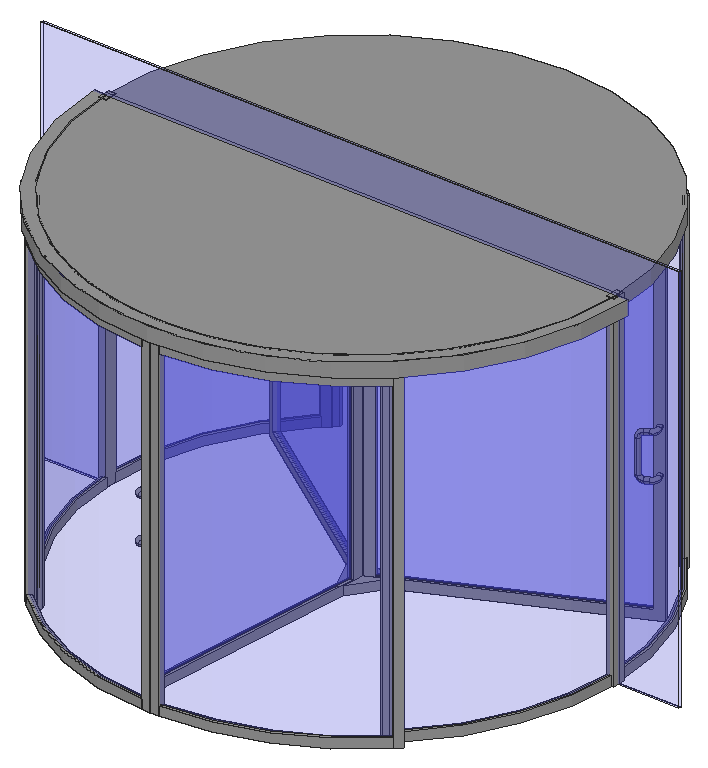
Revit family "Talos RDR-E01", category Türen, Revit 2016
Family settings
  OmniClass-Nummer = 23.30.10.00
  OmniClass-Titel = Doors
  Immer vertikal = Ja
  Beim Laden mit Abzugskörper schneiden = Nein
  Gemeinsam genutzt = Nein
  Raumberechnungspunkt = Nein
Parameters (values of type "RDR-E01 3400")
  Youtube clip = ""
  Width = 3500.00 mm
  Weight = 0.00 kg
  Uniformat II Description = ""
  Uniformat II Code = ""
  Uniclass 2015 Name = ""
  Uniclass 2015 Code = ""
  Uniclass 2.0 Description = ""
  Uniclass 2.0 Code = ""
  Uniclass 1.4 Description = ""
  Uniclass 1.4 Code = ""
  URL = "http://www.kaba.com/physical-access-systems/en/solutions/92272/revolving-doors-and-circular-sliding-doors.html"
  UNSPSC Code = ""
  Type Comments = ""
  Type = "Talos RDR-E01"
  Technical description = "http://www.kaba.com/physical-access-systems/media/867246/v7/File/product-brochure-talos-rdr-and-csd.pdf"
  StandardUsed = "8"
  ShutOffDeviceInside = and(not(HasLockInside), HasIntegralShutOffDevice)  # no
  ShutOffDevice = and(not(HasLock), HasIntegralShutOffDevice)  # no
  SectionWidth = 4300.00 mm
  RubberMaterial = Zellkautschuk - EPDM
  RotationInterval 180 = no
  RotationInterval 120 = not(RotationInterval 180)  # yes
  Radar = if(HasLockInside, DiameterCoverFront, Diameter)  # 1840.00 mm
  Product certification = ""
  Product SKU = "Talos_RDR-E01"
  Product Guid = "5c75d33a-c963-4db4-a6cf-dde6d4fceb71"
  Power = ""
  OuterDiameter = "3500"
  OperatingWeight = 0.00 kg
  OmniClass Description = ""
  OmniClass Code = ""
  NominalWidthOrDiameter = if(Width < 2100.00 mm, 2100.00 mm, if(Width > 4300.00 mm, 4300.00 mm, Width))  # 3500.00 mm
  Nominal width = 0
  Nominal height = 2300
  NBS Reference Description = ""
  NBS Reference Code = ""
  MotorDriveType = "-"
  Modell = "Talos RDR-E01"
  Material secondary = "Metal"
  Material main = "Glass"
  Masterformat 2014 Description = ""
  Masterformat 2014 Code = ""
  Manufacturer name = "DORMA"
  Manufacturer country = "Germany"
  Manufacturer = "Kaba GmbH"
  Installation instructions = ""
  IFC Classification = ""
  Edition number = 1
  EAN code = ""
  Design country = "Germany"
  Konstruktionstyp = "Revolving Door"
  Hersteller = "Kaba GmbH"
  Height = 2400.00 mm
  HasLockInside = yes
  HasLock = no
  HasIntegralShutOffDevice = no
  HasGrabHandles 180 = and(HasGrabHandles, RotationInterval 180)  # no
  HasGrabHandles 120 = and(HasGrabHandles, RotationInterval 120)  # yes
  HasGrabHandles = yes
  HasCover = yes
  HasBuiltInAlarm = no
  HandlePosition = 35.00 mm  # constant formula
  HandleMaterial = 1.4401 - A4
  Funktion = Außen
  FrameMaterial = none
  ExpectedLife = ""
  ElementWeight = 0.00 kg
  DoorWidth = AccessLengthOrRadius - 60.00 mm  # 1670.00 mm
  Dicke = 63.00 mm
  DiameterNightLockGlassOutside = Diameter + 49.00 mm  # 1809.00 mm
  DiameterNightLockGlassInside = Diameter + 41.00 mm  # 1801.00 mm
  DiameterNightLockCover = Diameter + 60.00 mm  # 1820.00 mm
  DiameterNightLock = Diameter + 30.00 mm  # 1790.00 mm
  DiameterGlassInside = (Width / 2) - 10.00 mm  # 1740.00 mm
  DiameterGlassOutside = (Width / 2)  # 1750.00 mm
  DiameterCoverFront = Diameter + 80.00 mm  # 1840.00 mm
  Diameter = (Width / 2) + 10.00 mm  # 1760.00 mm
  CoverWidth = Height - ClearHeight  # 100.00 mm
  CoverMaterial = none
  Colour = ""
  ClearWidth = 2100.00 mm
  ClearHeight = 2300.00 mm
  COBIe Type Category = ""
  BaseType = ">= 60 mm"
  Analytische Konstruktion = "<Keine Auswahl>"
  AccessWidth = if(Width < 4320.00 mm, (NominalWidthOrDiameter - 100.00 mm), if(Width > 4320.00 mm, (NominalWidthOrDiameter - 120.00 mm), NominalWidthOrDiameter))  # 3400.00 mm
  AccessLengthOrRadius = Diameter - 30.00 mm  # 1730.00 mm
Reference planes
  plane 1 "Mitte (Vorne/Hinten)": y = 0
  plane 2: z = 0
  plane 3 "Mitte (Links/Rechts)": x = -2.477
  plane 4 "Section L": x = -2202.477
  plane 5 "Section R": x = 2197.523
  plane 6 "Oberkante": z = 2700
  plane 7 "pw R": x = 1747.523
  plane 8 "pw L": x = -1752.477
  plane 9: x = -1777.477
  plane 10: x = 1772.523
  plane 11: z = 2400
  plane 12 "access height": z = 2300
  plane 13 "Leaf Glass 01": through (-1018.18, 994.49, 1200) normal (0.7071, 0.7071, 0)
  plane 14 "Leaf Glass 02": through (-996.967, 1015.703, 1200) normal (0.7071, 0.7071, 0)
  plane 15: through (-987.775, 1024.896, 1200) normal (0.7071, 0.7071, 0)
  plane 16: through (-1027.373, 985.298, 1200) normal (0.7071, 0.7071, 0)
  plane 17: through (-933.18, 994.49, 1200) normal (0.7071, 0.7071, 0)
  plane 18: through (-911.967, 1015.703, 1200) normal (0.7071, 0.7071, 0)
  plane 19: through (-901.36, 1026.31, 1200) normal (0.7071, 0.7071, 0)
  plane 20: through (-943.787, 983.883, 1200) normal (0.7071, 0.7071, 0)
  plane 21: through (-1003.033, -979.343, 800) normal (-0.7071, 0.7071, 0)
  plane 22: through (-1012.225, -970.151, 800) normal (-0.7071, 0.7071, 0)
  plane 23: through (-972.627, -1009.748, 800) normal (-0.7071, 0.7071, 0)
  plane 24: through (-981.82, -1000.556, 800) normal (-0.7071, 0.7071, 0)
  plane 25: x = -62.477
  plane 26: x = 57.523
  plane 27: through (-1218.825, -550.642, 800) normal (-0.4226, 0.9063, 0)
  plane 28: through (-1206.146, -577.831, 800) normal (-0.4226, 0.9063, 0)
  plane 29: through (1082.567, -778.067, 800) normal (-0.5736, -0.8192, 0)
  plane 30: through (1099.774, -753.493, 800) normal (-0.5736, -0.8192, 0)
  plane 31: through (128.827, 1328.709, 800) normal (0.9962, -0.0872, 0)
  plane 32: through (98.942, 1331.324, 800) normal (0.9962, -0.0872, 0)
  plane 33: through (12.466, -1.307, 800) normal (-0.0872, -0.9962, 0)
Forms (mm)
  Extrusion 1, solid
    sketch origin (0, 0, 0) x (1, 0, 0) y (0, 0, 1)
      loop
        line (-2202.477, 0) -> (-1777.477, 0) -> (-1777.477, 2400) -> (1772.523, 2400) -> (1772.523, 0) -> (2197.523, 0) -> (2197.523, 2700) -> (-2202.477, 2700) -> (-2202.477, 0)
    from -12 to 12
  Extrusion 2, solid, material <- "FrameMaterial"
    sketch origin (-85, 0, 0) x (1, 0, 0) y (0, 1, 0)
      loop
        line (-1160.41, 1203.336) -> (-1181.626, 1224.551)
        arc (-1181.626, 1224.551) -> (-1677.477, 0) -> (-1181.626, -1224.551) r 1760
        line (-1181.626, -1224.551) -> (-1160.41, -1203.336)
        arc (-1160.41, -1203.336) -> (-1647.477, 0) -> (-1160.41, 1203.336) r 1730
      loop
        arc (1325.457, 1203.336) -> (1812.523, 0) -> (1325.457, -1203.336) r 1730
        line (1325.457, -1203.336) -> (1346.673, -1224.551)
        arc (1346.673, -1224.551) -> (1842.523, 0) -> (1346.673, 1224.551) r 1760
        line (1346.673, 1224.551) -> (1325.457, 1203.336)
    from 0 to 63
  Extrusion 3, solid
    sketch origin (-85, 0, 0) x (1, 0, 0) y (0, 1, 0)
      loop
        arc (-1174.554, 1217.479) -> (-1667.477, 0) -> (-1174.554, -1217.479) r 1750
        line (-1174.554, -1217.479) -> (-1167.482, -1210.407)
        arc (-1167.482, -1210.407) -> (-1657.477, 0) -> (-1167.482, 1210.407) r 1740
        line (-1167.482, 1210.407) -> (-1174.554, 1217.479)
      loop
        arc (1339.601, -1217.479) -> (1832.523, 0) -> (1339.601, 1217.479) r 1750
        line (1339.601, 1217.479) -> (1332.529, 1210.407)
        arc (1332.529, 1210.407) -> (1822.523, 0) -> (1332.529, -1210.407) r 1740
        line (1332.529, -1210.407) -> (1339.601, -1217.479)
    from 63 to 2300 <- "ClearHeight"
  Extrusion 4, solid, material <- "FrameMaterial"
    sketch origin (-85, 0, 0) x (1, 0, 0) y (0, 1, 0)
      loop
        line (-1692.477, -42.5) -> (-1643.977, -42.5) -> (-1643.977, 42.5) -> (-1692.477, 42.5) -> (-1692.477, 0) -> (-1692.477, -42.5)
    from 0 to 2400 <- "Height"
  Extrusion 5, solid, material <- "FrameMaterial"
    sketch origin (80.046, 0, 0) x (-1, 0, 0) y (0, -1, 0)
      loop
        line (-1692.477, 42.5) -> (-1692.477, 0) -> (-1692.477, -42.5) -> (-1643.977, -42.5) -> (-1643.977, 42.5) -> (-1692.477, 42.5)
    from 0 to 2400 <- "Height"
  Extrusion 6, solid, material <- "FrameMaterial", visible <- "RotationInterval 180"
    sketch origin (-1018.18, 994.49, 1200) x (-0.707107, 0.707107, 0) y (0, 0, 1)
      loop
        line (268.579, 1100) -> (-1401.421, 1100) -> (-1401.421, -1200) -> (268.579, -1200) -> (268.579, 1100)
      loop
        line (205.579, 1037) -> (-1338.421, 1037) -> (-1338.421, -1137) -> (205.579, -1137) -> (205.579, 1037)
    from -5 to 35
  Extrusion 7, solid, material <- "FrameMaterial", visible <- "RotationInterval 180"
    sketch origin (-996.967, -1015.703, 1200) x (-0.707107, -0.707107, 0) y (0, 0, 1)
      loop
        line (268.579, 1100) -> (-1401.421, 1100) -> (-1401.421, -1200) -> (268.579, -1200) -> (268.579, 1100)
      loop
        line (205.579, 1037) -> (-1338.421, 1037) -> (-1338.421, -1137) -> (205.579, -1137) -> (205.579, 1037)
    from -5 to 35
  Extrusion 8, solid, material <- "FrameMaterial", visible <- "RotationInterval 180"
    sketch origin (1013.226, -994.49, 1600) x (0.707107, -0.707107, 0) y (0, 0, 1)
      loop
        line (268.579, 700) -> (-1401.421, 700) -> (-1401.421, -1600) -> (268.579, -1600) -> (268.579, 700)
      loop
        line (205.579, 637) -> (-1338.421, 637) -> (-1338.421, -1537) -> (205.579, -1537) -> (205.579, 637)
    from -5 to 35
  Extrusion 9, solid, material <- "FrameMaterial", visible <- "RotationInterval 180"
    sketch origin (992.013, 1015.703, 1200) x (0.707107, 0.707107, 0) y (0, 0, 1)
      loop
        line (268.579, 1100) -> (-1401.421, 1100) -> (-1401.421, -1200) -> (268.579, -1200) -> (268.579, 1100)
      loop
        line (205.579, 1037) -> (-1338.421, 1037) -> (-1338.421, -1137) -> (205.579, -1137) -> (205.579, 1037)
    from -5 to 35
  Extrusion 10, solid, material <- "FrameMaterial", visible <- "RotationInterval 180"
    sketch origin (-85, 0, 0) x (1, 0, 0) y (0, 1, 0)
      loop
        line (-38.477, -121) -> (203.523, -121) -> (203.523, 121) -> (-38.477, 121) -> (-38.477, -121)
    from 0 to 63
  Extrusion 11, solid, visible <- "RotationInterval 180"
    sketch origin (-1018.18, 994.49, 1200) x (-0.707107, 0.707107, 0) y (0, 0, 1)
      loop
        line (205.579, 1037) -> (-1338.421, 1037) -> (-1338.421, -1137) -> (205.579, -1137) -> (205.579, 1037)
    from 5 to 12
  Extrusion 12, solid, visible <- "RotationInterval 180"
    sketch origin (9.368, 9.368, 0) x (-0.707107, 0.707107, 0) y (0, 0, 1)
      loop
        line (1628.751, 2237) -> (84.751, 2237) -> (84.751, 63) -> (1628.751, 63) -> (1628.751, 2237)
    from -12 to -5
  Extrusion 13, solid, visible <- "RotationInterval 180"
    sketch origin (992.013, 1015.703, 1200) x (0.707107, 0.707107, 0) y (0, 0, 1)
      loop
        line (205.579, 1037) -> (-1338.421, 1037) -> (-1338.421, -1137) -> (205.579, -1137) -> (205.579, 1037)
    from 5 to 12
  Extrusion 14, solid, visible <- "RotationInterval 180"
    sketch origin (49.391, 30.655, 0) x (0.707107, 0.707107, 0) y (0, 0, 1)
      loop
        line (1568.647, 2237) -> (24.647, 2237) -> (24.647, 63) -> (1568.647, 63) -> (1568.647, 2237)
    from -12 to -5
  Extrusion 15, solid, visible <- "RotationInterval 180"
    sketch origin (1013.226, -994.49, 1200) x (0.707107, -0.707107, 0) y (0, 0, 1)
      loop
        line (205.579, 1037) -> (-1338.421, 1037) -> (-1338.421, -1137) -> (205.579, -1137) -> (205.579, 1037)
    from 5 to 12
  Extrusion 16, solid, visible <- "RotationInterval 180"
    sketch origin (28.178, -51.868, 0) x (0.707107, -0.707107, 0) y (0, 0, 1)
      loop
        line (1568.647, 2237) -> (24.647, 2237) -> (24.647, 63) -> (1568.647, 63) -> (1568.647, 2237)
    from -12 to -5
  Extrusion 17, solid, visible <- "RotationInterval 180"
    sketch origin (-996.967, -1015.703, 1200) x (-0.707107, -0.707107, 0) y (0, 0, 1)
      loop
        line (205.579, 1037) -> (-1338.421, 1037) -> (-1338.421, -1137) -> (205.579, -1137) -> (205.579, 1037)
    from 5 to 12
  Extrusion 18, solid, visible <- "RotationInterval 180"
    sketch origin (-54.345, -30.655, 0) x (-0.707107, -0.707107, 0) y (0, 0, 1)
      loop
        line (1568.647, 2237) -> (24.647, 2237) -> (24.647, 63) -> (1568.647, 63) -> (1568.647, 2237)
    from -12 to -5
  Extrusion 19, solid, material <- "CoverMaterial"
    sketch origin (0, 0, 0) x (1, 0, 0) y (0, 1, 0)
      loop
        circle (-2.477, 0) r 1760
    from 2300 <- "ClearHeight" to 2400 <- "Height"
  Extrusion 20, solid, material <- "FrameMaterial", visible <- "HasLock"
    sketch origin (-72.917, 136.245, 0) x (0.725698, -0.688014, 0) y (0.688014, 0.725698, 0)
      loop
        line (-1150.87, 1229.08) -> (-1123.349, 1200.053) -> (-1082.71, 1238.581) -> (-1110.231, 1267.609) -> (-1150.87, 1229.08)
    from 0 to 2300 <- "ClearHeight"
  Extrusion 21, solid, visible <- "HasLock"
    sketch origin (-85, 0, 0) x (1, 0, 0) y (0, 1, 0)
      loop
        line (-1176.681, 1298.802) -> (-1171.023, 1293.144)
        arc (-1171.023, 1293.144) -> (-621.449, 1657.717) -> (22.523, 1800) r 1801
        line (22.523, 1800) -> (22.523, 1808.005)
        arc (22.523, 1808.005) -> (-624.511, 1665.108) -> (-1176.681, 1298.802) r 1809
    from 63 to 2237
  Extrusion 22, solid, material <- "CoverMaterial", visible <- "HasLock"
    sketch origin (0, 0, 0) x (1, 0, 0) y (0, 1, 0)
      loop
        line (1757.523, 0) -> (1837.523, 0)
        arc (1837.523, 0) -> (-2.477, 1840) -> (-1842.477, 0) r 1840
        line (-1842.477, 0) -> (-1762.477, 0)
        arc (-1762.477, 0) -> (-2.477, 1760) -> (1757.523, 0) r 1760
    from 2300 <- "ClearHeight" to 2400 <- "Height"
  Extrusion 23, solid, material <- "FrameMaterial", visible <- "RotationInterval 120"
    sketch origin (-111.419, -1417.32, 1200) x (-0.087156, -0.996195, 0) y (0, 0, 1)
      loop
        line (268.579, 1100) -> (-1401.421, 1100) -> (-1401.421, -1200) -> (268.579, -1200) -> (268.579, 1100)
      loop
        line (205.579, 1037) -> (-1338.421, 1037) -> (-1338.421, -1137) -> (205.579, -1137) -> (205.579, 1037)
    from -5 to 35
  Extrusion 24, solid, visible <- "RotationInterval 120"
    sketch origin (-111.419, -1417.32, 1200) x (-0.087156, -0.996195, 0) y (0, 0, 1)
      loop
        line (205.579, 1037) -> (-1339.432, 1037) -> (-1339.432, -1137) -> (205.579, -1137) -> (205.579, 1037)
    from 5 to 12
  Extrusion 25, solid, visible <- "RotationInterval 120"
    sketch origin (-22.506, -56.823, 0) x (-0.087156, -0.996195, 0) y (0, 0, 1)
      loop
        line (1568.647, 2237) -> (24.647, 2237) -> (24.647, 63) -> (1568.647, 63) -> (1568.647, 2237)
    from -12 to -5
  Extrusion 26, solid, material <- "FrameMaterial", visible <- "RotationInterval 120"
    sketch origin (-1175.441, 803.007, 1200) x (-0.819152, 0.573576, 0) y (0, 0, 1)
      loop
        line (268.579, 1100) -> (-1401.421, 1100) -> (-1401.421, -1200) -> (268.579, -1200) -> (268.579, 1100)
      loop
        line (205.579, 1037) -> (-1338.421, 1037) -> (-1338.421, -1137) -> (205.579, -1137) -> (205.579, 1037)
    from -5 to 35
  Extrusion 27, solid, visible <- "RotationInterval 120"
    sketch origin (-1175.441, 803.007, 1200) x (-0.819152, 0.573576, 0) y (0, 0, 1)
      loop
        line (205.579, 1037) -> (-1338.421, 1037) -> (-1338.421, -1137) -> (205.579, -1137) -> (205.579, 1037)
    from 5 to 12
  Extrusion 28, solid, visible <- "RotationInterval 120"
    sketch origin (-41.673, 45.757, 0) x (-0.819152, 0.573576, 0) y (0, 0, 1)
      loop
        line (1568.647, 2237) -> (24.647, 2237) -> (24.647, 63) -> (1568.647, 63) -> (1568.647, 2237)
    from -12 to -5
  Extrusion 29, solid, material <- "FrameMaterial", visible <- "RotationInterval 120"
    sketch origin (1279.429, 614.313, 1000) x (0.906308, 0.422618, 0) y (0, 0, 1)
      loop
        line (268.579, 1300) -> (-1401.421, 1300) -> (-1401.421, -1000) -> (268.579, -1000) -> (268.579, 1300)
      loop
        line (205.579, 1237) -> (-1338.421, 1237) -> (-1338.421, -937) -> (205.579, -937) -> (205.579, 1237)
    from -5 to 35
  Extrusion 30, solid, visible <- "RotationInterval 120"
    sketch origin (1279.429, 614.313, 1200) x (0.906308, 0.422618, 0) y (0, 0, 1)
      loop
        line (205.579, 1037) -> (-1338.421, 1037) -> (-1338.421, -1137) -> (205.579, -1137) -> (205.579, 1037)
    from 5 to 12
  Extrusion 31, solid, visible <- "RotationInterval 120"
    sketch origin (56.748, 11.066, 0) x (0.906308, 0.422618, 0) y (0, 0, 1)
      loop
        line (1568.647, 2237) -> (24.647, 2237) -> (24.647, 63) -> (1568.647, 63) -> (1568.647, 2237)
    from -12 to -5
  Extrusion 32, solid, material <- "FrameMaterial"
    sketch origin (-85, 0, 0) x (1, 0, 0) y (0, 1, 0)
      loop
        line (1286.019, -1243.094) -> (1314.303, -1271.378) -> (1353.901, -1231.78) -> (1325.617, -1203.496) -> (1286.019, -1243.094)
    from 0 to 2300
  Extrusion 33, solid, material <- "FrameMaterial"
    sketch origin (-2.477, 82.523, 0) x (0, -1, 0) y (1, 0, 0)
      loop
        line (1286.019, -1243.094) -> (1314.303, -1271.378) -> (1353.901, -1231.78) -> (1325.617, -1203.496) -> (1286.019, -1243.094)
    from 0 to 2300
  Extrusion 34, solid, material <- "FrameMaterial"
    sketch origin (80.046, 0, 0) x (-1, 0, 0) y (0, -1, 0)
      loop
        line (1286.019, -1243.094) -> (1314.303, -1271.378) -> (1353.901, -1231.78) -> (1325.617, -1203.496) -> (1286.019, -1243.094)
    from 0 to 2300
  Extrusion 35, solid, material <- "FrameMaterial"
    sketch origin (-2.477, -82.523, 0) x (0, 1, 0) y (-1, 0, 0)
      loop
        line (1286.019, -1243.094) -> (1314.303, -1271.378) -> (1353.901, -1231.78) -> (1325.617, -1203.496) -> (1286.019, -1243.094)
    from 0 to 2300
  Extrusion 36, solid, material <- "FrameMaterial", visible <- "HasLock"
    sketch origin (-171.144, 23.795, 0) x (0.999645, 0.026647, 0) y (-0.026647, 0.999645, 0)
      loop
        line (-1104.531, 1273.225) -> (-1077.01, 1244.197) -> (-1036.371, 1282.726) -> (-1063.892, 1311.754) -> (-1104.531, 1273.225)
    from 0 to 2300 <- "ClearHeight"
  Extrusion 37, solid, material <- "FrameMaterial", visible <- "HasLock"
    sketch origin (67.963, 136.245, 0) x (-0.725698, -0.688014, 0) y (0.688014, -0.725698, 0)
      loop
        line (-1150.87, -1229.08) -> (-1110.231, -1267.609) -> (-1082.71, -1238.581) -> (-1123.349, -1200.053) -> (-1150.87, -1229.08)
    from 0 to 2300 <- "ClearHeight"
  Extrusion 38, solid, visible <- "HasLock"
    sketch origin (80.046, 0, 0) x (-1, 0, 0) y (0, -1, 0)
      loop
        arc (-1176.681, -1298.802) -> (-624.511, -1665.108) -> (22.523, -1808.005) r 1809
        line (22.523, -1808.005) -> (22.523, -1800)
        arc (22.523, -1800) -> (-621.449, -1657.717) -> (-1171.023, -1293.144) r 1801
        line (-1171.023, -1293.144) -> (-1176.681, -1298.802)
    from 63 to 2300
  Extrusion 39, solid, material <- "FrameMaterial", visible <- "HasLock"
    sketch origin (166.19, 23.795, 0) x (-0.999645, 0.026647, 0) y (-0.026647, -0.999645, 0)
      loop
        line (-1104.531, -1273.225) -> (-1063.892, -1311.754) -> (-1036.371, -1282.726) -> (-1077.01, -1244.197) -> (-1104.531, -1273.225)
    from 0 to 2300 <- "ClearHeight"
  Extrusion 40, solid, material <- "FrameMaterial", visible <- "HasLock"
    sketch origin (-85, 0, 0) x (1, 0, 0) y (0, 1, 0)
      loop
        line (22.523, 1788.994) -> (22.523, 1819.011)
        arc (22.523, 1819.011) -> (-628.72, 1675.271) -> (-1184.46, 1306.581) r 1820
        line (-1184.46, 1306.581) -> (-1163.244, 1285.365)
        arc (-1163.244, 1285.365) -> (-617.239, 1647.553) -> (22.523, 1788.994) r 1790
    from 0 to 63
  Extrusion 41, solid, material <- "FrameMaterial", visible <- "HasLock"
    sketch origin (-85, 0, 0) x (1, 0, 0) y (0, 1, 0)
      loop
        line (1328.29, 1285.365) -> (1349.506, 1306.581)
        arc (1349.506, 1306.581) -> (793.766, 1675.271) -> (142.523, 1819.011) r 1820
        line (142.523, 1819.011) -> (142.523, 1788.994)
        arc (142.523, 1788.994) -> (782.286, 1647.553) -> (1328.29, 1285.365) r 1790
    from 0 to 63
  Extrusion 42, solid, material <- "FrameMaterial", visible <- "HasLock"
    sketch origin (0, 0, 0) x (1, 0, 0) y (0, 1, 0)
      loop
        arc (-62.477, 1819.011) -> (-713.72, 1675.271) -> (-1269.46, 1306.581) r 1820
        line (-1269.46, 1306.581) -> (-1248.244, 1285.365)
        arc (-1248.244, 1285.365) -> (-702.239, 1647.553) -> (-62.477, 1788.994) r 1790
        line (-62.477, 1788.994) -> (-62.477, 1819.011)
    from 2237 to 2300 <- "ClearHeight"
  Extrusion 43, solid, material <- "FrameMaterial", visible <- "HasLock"
    sketch origin (0, 0, 0) x (1, 0, 0) y (0, 1, 0)
      loop
        arc (1264.506, 1306.581) -> (708.766, 1675.271) -> (57.523, 1819.011) r 1820
        line (57.523, 1819.011) -> (57.523, 1788.994)
        arc (57.523, 1788.994) -> (697.286, 1647.553) -> (1243.29, 1285.365) r 1790
        line (1243.29, 1285.365) -> (1264.506, 1306.581)
    from 2237 to 2300
  Extrusion 44, solid, material <- "FrameMaterial", visible <- "HasLockInside"
    sketch origin (-72.917, -136.245, 0) x (0.725698, 0.688014, 0) y (-0.688014, 0.725698, 0)
      loop
        line (-1150.87, -1229.08) -> (-1110.231, -1267.609) -> (-1082.71, -1238.581) -> (-1123.349, -1200.053) -> (-1150.87, -1229.08)
    from 0 to 2300 <- "ClearHeight"
  Extrusion 45, solid, visible <- "HasLockInside"
    sketch origin (-85, 0, 0) x (1, 0, 0) y (0, 1, 0)
      loop
        arc (-1176.681, -1298.802) -> (-624.511, -1665.108) -> (22.523, -1808.005) r 1809
        line (22.523, -1808.005) -> (22.523, -1800)
        arc (22.523, -1800) -> (-621.449, -1657.717) -> (-1171.023, -1293.144) r 1801
        line (-1171.023, -1293.144) -> (-1176.681, -1298.802)
    from 63 to 2237
  Extrusion 46, solid, material <- "FrameMaterial", visible <- "HasLockInside"
    sketch origin (-171.144, -23.795, 0) x (0.999645, -0.026647, 0) y (0.026647, 0.999645, 0)
      loop
        line (-1104.531, -1273.225) -> (-1063.892, -1311.754) -> (-1036.371, -1282.726) -> (-1077.01, -1244.197) -> (-1104.531, -1273.225)
    from 0 to 2300 <- "ClearHeight"
  Extrusion 47, solid, material <- "FrameMaterial", visible <- "HasLockInside"
    sketch origin (67.963, -136.245, 0) x (-0.725698, 0.688014, 0) y (-0.688014, -0.725698, 0)
      loop
        line (-1150.87, 1229.08) -> (-1123.349, 1200.053) -> (-1082.71, 1238.581) -> (-1110.231, 1267.609) -> (-1150.87, 1229.08)
    from 0 to 2300 <- "ClearHeight"
  Extrusion 48, solid, visible <- "HasLockInside"
    sketch origin (80.046, 0, 0) x (-1, 0, 0) y (0, -1, 0)
      loop
        line (-1176.681, 1298.802) -> (-1171.023, 1293.144)
        arc (-1171.023, 1293.144) -> (-621.449, 1657.717) -> (22.523, 1800) r 1801
        line (22.523, 1800) -> (22.523, 1808.005)
        arc (22.523, 1808.005) -> (-624.511, 1665.108) -> (-1176.681, 1298.802) r 1809
    from 63 to 2237
  Extrusion 49, solid, material <- "FrameMaterial", visible <- "HasLockInside"
    sketch origin (166.19, -23.795, 0) x (-0.999645, -0.026647, 0) y (0.026647, -0.999645, 0)
      loop
        line (-1104.531, 1273.225) -> (-1077.01, 1244.197) -> (-1036.371, 1282.726) -> (-1063.892, 1311.754) -> (-1104.531, 1273.225)
    from 0 to 2300 <- "ClearHeight"
  Extrusion 50, solid, material <- "FrameMaterial", visible <- "HasLockInside"
    sketch origin (0, 0, 0) x (1, 0, 0) y (0, 1, 0)
      loop
        arc (-62.477, -1788.994) -> (-702.239, -1647.553) -> (-1248.244, -1285.365) r 1790
        line (-1248.244, -1285.365) -> (-1269.46, -1306.581)
        arc (-1269.46, -1306.581) -> (-713.72, -1675.271) -> (-62.477, -1819.011) r 1820
        line (-62.477, -1819.011) -> (-62.477, -1788.994)
    from 2237 to 2300 <- "ClearHeight"
  Extrusion 51, solid, material <- "FrameMaterial", visible <- "HasLockInside"
    sketch origin (165.046, 0, 0) x (-1, 0, 0) y (0, -1, 0)
      loop
        line (107.523, 1788.994) -> (107.523, 1819.011)
        arc (107.523, 1819.011) -> (-543.72, 1675.271) -> (-1099.46, 1306.581) r 1820
        line (-1099.46, 1306.581) -> (-1078.244, 1285.365)
        arc (-1078.244, 1285.365) -> (-532.239, 1647.553) -> (107.523, 1788.994) r 1790
    from 2237 to 2300 <- "ClearHeight"
  Extrusion 52, solid, material <- "FrameMaterial", visible <- "HasLockInside"
    sketch origin (-85, 0, 0) x (1, 0, 0) y (0, 1, 0)
      loop
        arc (22.523, -1788.994) -> (-617.239, -1647.553) -> (-1163.244, -1285.365) r 1790
        line (-1163.244, -1285.365) -> (-1184.46, -1306.581)
        arc (-1184.46, -1306.581) -> (-628.72, -1675.271) -> (22.523, -1819.011) r 1820
        line (22.523, -1819.011) -> (22.523, -1788.994)
    from 0 to 63
  Extrusion 53, solid, material <- "FrameMaterial", visible <- "HasLockInside"
    sketch origin (80.046, 0, 0) x (-1, 0, 0) y (0, -1, 0)
      loop
        line (22.523, 1788.994) -> (22.523, 1819.011)
        arc (22.523, 1819.011) -> (-628.72, 1675.271) -> (-1184.46, 1306.581) r 1820
        line (-1184.46, 1306.581) -> (-1163.244, 1285.365)
        arc (-1163.244, 1285.365) -> (-617.239, 1647.553) -> (22.523, 1788.994) r 1790
    from 0 to 63
  Extrusion 54, solid, material <- "CoverMaterial", visible <- "HasLockInside"
    sketch origin (0, 0, 0) x (1, 0, 0) y (0, 1, 0)
      loop
        arc (1757.523, 0) -> (-2.477, -1760) -> (-1762.477, 0) r 1760
        line (-1762.477, 0) -> (-1842.477, 0)
        arc (-1842.477, 0) -> (-2.477, -1840) -> (1837.523, 0) r 1840
        line (1837.523, 0) -> (1757.523, 0)
    from 2300 <- "ClearHeight" to 2400 <- "Height"
  Extrusion 55, solid, material <- "FrameMaterial", visible <- "RotationInterval 120"
    sketch origin (-85, 0, 0) x (1, 0, 0) y (0, 1, 0)
      loop
        line (264.691, 84.946) -> (-82.126, 115.289) -> (65.005, -200.235) -> (264.691, 84.946)
    from 0 to 63
Lines and regions (mm)
  reference lines, not visible
    curve 1: line (82.523, 0, 0) -> (-922.574, 1005.097, 0)
    curve 2: circle (-2.477, 0, 0) r 1760 normal (0, 0, 1)
    curve 3: circle (-2.477, 0, 0) r 1730 normal (0, 0, 1)
    curve 6: circle (-2.477, 0, 0) r 1790 normal (0, 0, 1)
    curve 7: circle (-2.477, 0, 0) r 1820 normal (0, 0, 1)
  reference lines
    curve 4: line (2174.874, -2177.351, 0) -> (-2179.828, 2177.351, 0)
    curve 5: line (-2183.295, -2180.818, 0) -> (2174.874, 2177.351, 0)
    curve 8: line (-2.477, 0, 0) -> (1805.148, 842.909, 0)
    curve 9: line (-2.477, 0, 0) -> (-2071.845, 1448.987, 0)
    curve 10: line (-2.477, 0, 0) -> (-190.733, -2151.781, 0)
Text (mm)
  text "Außen" at (-1246.5, 797.241, 0), in view "Referenzebene"
Dimensions and locks
  equal spacing: plane 25, plane 3 "Mitte (Links/Rechts)", plane 26
  plane 4 "Section L" to plane 5 "Section R" = 4400.00 mm
  equal spacing: plane 8 "pw L", plane 3 "Mitte (Links/Rechts)", plane 7 "pw R"
  "NominalWidthOrDiameter": plane 8 "pw L" to plane 7 "pw R"
  locked: plane 9 to plane 8 "pw L" at 25
  locked: plane 7 "pw R" to plane 10 at 25
  "ClearHeight": plane 12 "access height" to plane 2
  "CoverWidth": plane 11 to plane 12 "access height"
  plane 14 "Leaf Glass 02" to curve 4 = 15.00 mm
  locked: curve 4 to plane 13 "Leaf Glass 01" at 15
  locked: plane 13 "Leaf Glass 01" to plane 16 at 13
  locked: plane 15 to plane 14 "Leaf Glass 02" at 13
  locked: curve 5 to plane 21 at 15
  locked: plane 22 to plane 21 at 13
  locked: plane 24 to curve 5 at 15
  locked: plane 24 to plane 23 at 13
  locked: Extrusion 4 sketch curve to Extrusion 4 sketch curve at 48.5
  Extrusion 4 sketch curve to Extrusion 4 sketch curve = 85.00 mm
  locked: Extrusion 5 sketch curve to Extrusion 5 sketch curve at 48.5
  Extrusion 5 sketch curve to Extrusion 5 sketch curve = 85.00 mm
  "Dicke": Extrusion 6 sketch curve to Extrusion 6 sketch curve  (x4)
  "DoorWidth": Extrusion 6 sketch curve to Extrusion 6 sketch curve
  "ClearHeight": Extrusion 6 sketch curve to Extrusion 6 sketch curve
  "Dicke": Extrusion 7 sketch curve to Extrusion 7 sketch curve  (x4)
  "DoorWidth": Extrusion 7 sketch curve to Extrusion 7 sketch curve
  "ClearHeight": Extrusion 7 sketch curve to Extrusion 7 sketch curve
  "Dicke": Extrusion 8 sketch curve to Extrusion 8 sketch curve  (x4)
  "DoorWidth": Extrusion 8 sketch curve to Extrusion 8 sketch curve
  "ClearHeight": Extrusion 8 sketch curve to Extrusion 8 sketch curve
  "Dicke": Extrusion 9 sketch curve to Extrusion 9 sketch curve  (x4)
  "DoorWidth": Extrusion 9 sketch curve to Extrusion 9 sketch curve
  "ClearHeight": Extrusion 9 sketch curve to Extrusion 9 sketch curve
  locked: Extrusion 8 to nested 2 at 30
  locked: nested 3 to Extrusion 9 at 30
  "DiameterNightLockCover": Extrusion 20 sketch curve to plane 1 "Mitte (Vorne/Hinten)"
  locked: Extrusion 7 to nested 7 at 30
  locked: curve 8 to plane 27 at 15
  locked: plane 28 to curve 8 at 15
  locked: curve 9 to plane 29 at 15
  plane 30 to curve 9 = 15.00 mm
  locked: curve 10 to plane 31 at 15
  locked: plane 32 to curve 10 at 15
  "Dicke": Extrusion 23 sketch curve to Extrusion 23 sketch curve  (x4)
  "DoorWidth": Extrusion 23 sketch curve to Extrusion 23 sketch curve
  "ClearHeight": Extrusion 23 sketch curve to Extrusion 23 sketch curve
  locked: Extrusion 23 to nested 9 at 30
  Extrusion 23 sketch curve to plane 33 = 20.00 mm
  "Dicke": Extrusion 26 sketch curve to Extrusion 26 sketch curve  (x4)
  "DoorWidth": Extrusion 26 sketch curve to Extrusion 26 sketch curve
  "ClearHeight": Extrusion 26 sketch curve to Extrusion 26 sketch curve
  locked: Extrusion 26 to nested 10 at 30
  "Dicke": Extrusion 29 sketch curve to Extrusion 29 sketch curve  (x4)
  "DoorWidth": Extrusion 29 sketch curve to Extrusion 29 sketch curve
  "ClearHeight": Extrusion 29 sketch curve to Extrusion 29 sketch curve
  "AccessLengthOrRadius": Extrusion 32 sketch curve to curve 5
  locked: Extrusion 32 sketch curve to Extrusion 32 sketch curve at 40
  locked: Extrusion 32 sketch curve to Extrusion 32 sketch curve at 56
  locked: Extrusion 33 sketch curve to Extrusion 33 sketch curve at 40
  locked: Extrusion 33 sketch curve to Extrusion 33 sketch curve at 56
  "AccessLengthOrRadius": curve 4 to Extrusion 33 sketch curve
  locked: Extrusion 34 sketch curve to Extrusion 34 sketch curve at 40
  locked: Extrusion 34 sketch curve to Extrusion 34 sketch curve at 56
  locked: Extrusion 35 sketch curve to Extrusion 35 sketch curve at 40
  locked: Extrusion 35 sketch curve to Extrusion 35 sketch curve at 56
  "AccessLengthOrRadius": Extrusion 34 sketch curve to curve 5
  "AccessLengthOrRadius": Extrusion 35 sketch curve to curve 4
  "DiameterNightLockCover": Extrusion 36 sketch curve to curve 5
  "DiameterNightLockCover": plane 1 "Mitte (Vorne/Hinten)" to Extrusion 37 sketch curve
  locked: Extrusion 39 sketch curve to Extrusion 39 sketch curve at 40
  "DiameterNightLockCover": curve 4 to Extrusion 39 sketch curve
  locked: Extrusion 20 sketch curve to Extrusion 20 sketch curve at 40
  locked: Extrusion 20 sketch curve to Extrusion 20 sketch curve at 56
  locked: Extrusion 36 sketch curve to Extrusion 36 sketch curve at 40
  locked: Extrusion 36 sketch curve to Extrusion 36 sketch curve at 56
  locked: Extrusion 37 sketch curve to Extrusion 37 sketch curve at 40
  locked: Extrusion 37 sketch curve to Extrusion 37 sketch curve at 56
  locked: Extrusion 39 sketch curve to Extrusion 39 sketch curve at 56
  locked: Extrusion 42 to plane 12 "access height" at 63
  locked: Extrusion 43 to plane 12 "access height" at 63
  locked: Extrusion 6 to nested 8 at 30
  locked: Extrusion 29 to nested 11 at 30
  locked: Extrusion 49 sketch curve to Extrusion 49 sketch curve at 40
  locked: Extrusion 44 sketch curve to Extrusion 44 sketch curve at 40
  locked: Extrusion 44 sketch curve to Extrusion 44 sketch curve at 56
  locked: Extrusion 46 sketch curve to Extrusion 46 sketch curve at 40
  locked: Extrusion 46 sketch curve to Extrusion 46 sketch curve at 56
  locked: Extrusion 47 sketch curve to Extrusion 47 sketch curve at 40
  locked: Extrusion 47 sketch curve to Extrusion 47 sketch curve at 56
  locked: Extrusion 49 sketch curve to Extrusion 49 sketch curve at 56
  "DiameterNightLockCover": curve 4 to Extrusion 46 sketch curve
  "DiameterNightLockCover": Extrusion 49 sketch curve to curve 5
  "DiameterNightLockCover": plane 1 "Mitte (Vorne/Hinten)" to Extrusion 44 sketch curve
  "DiameterNightLockCover": Extrusion 47 sketch curve to plane 1 "Mitte (Vorne/Hinten)"
  equal spacing: plane 11, nested 13, plane 12 "access height"
  "Radar": nested 14 to plane 3 "Mitte (Links/Rechts)"
  "Radar": nested 13 to plane 33
  locked: Extrusion 10 sketch curve to Extrusion 10 sketch curve at 242  (x2)
  locked: Extrusion 10 sketch curve to plane 1 "Mitte (Vorne/Hinten)" at 121
  locked: Extrusion 10 sketch curve to plane 3 "Mitte (Links/Rechts)" at 121
  equal spacing: plane 4 "Section L", plane 3 "Mitte (Links/Rechts)", plane 5 "Section R"
  "Diameter": radius of curve 2
  "AccessLengthOrRadius": radius of curve 3
  "DiameterGlassOutside": radius of Extrusion 3 sketch curve  (x2)
  "DiameterGlassInside": radius of Extrusion 3 sketch curve  (x2)
  "DiameterNightLock": radius of curve 6
  "DiameterNightLockCover": radius of curve 7
  "DiameterNightLockGlassInside": radius of Extrusion 21 sketch curve
  "DiameterNightLockGlassOutside": radius of Extrusion 21 sketch curve
  "DiameterCoverFront": radius of Extrusion 22 sketch curve
  "DiameterNightLockGlassInside": radius of Extrusion 38 sketch curve
  "DiameterNightLockGlassOutside": radius of Extrusion 38 sketch curve
  "DiameterNightLockGlassInside": radius of Extrusion 45 sketch curve
  "DiameterNightLockGlassOutside": radius of Extrusion 45 sketch curve
  "DiameterNightLockGlassInside": radius of Extrusion 48 sketch curve
  "DiameterNightLockGlassOutside": radius of Extrusion 48 sketch curve
  "DiameterCoverFront": radius of Extrusion 54 sketch curve
  locked: plane 3 "Mitte (Links/Rechts)" to nested 14 (angle 23.0661°)
  locked: nested 13 to plane 3 "Mitte (Links/Rechts)" (angle 23.0661°)
  aligned and locked: level to plane 2
  aligned and locked: Extrusion 1 to plane 4 "Section L"
  aligned and locked: Extrusion 1 to plane 6 "Oberkante"
  aligned and locked: Extrusion 1 to plane 5 "Section R"
  aligned and locked: Extrusion 1 to level  (x2)
  aligned and locked: plane 9 to Extrusion 1
  aligned and locked: plane 10 to Extrusion 1
  aligned and locked: Extrusion 2 sketch curve to curve 3  (x2)
  aligned and locked: Extrusion 2 sketch curve to curve 2  (x2)
  aligned and locked: Extrusion 5 to plane 10
  aligned and locked: Extrusion 12 to Extrusion 6  (x4)
  aligned and locked: Extrusion 11 to Extrusion 6  (x4)
  aligned and locked: Extrusion 19 sketch curve to curve 2
  aligned and locked: Extrusion 15 to Extrusion 8  (x2)
  aligned and locked: Extrusion 16 to Extrusion 8  (x3)
  aligned and locked: Extrusion 6 to Extrusion 16
  aligned and locked: Extrusion 6 to Extrusion 15
  aligned and locked: Extrusion 14 to Extrusion 9
  aligned and locked: Extrusion 13 to Extrusion 9  (x3)
  aligned and locked: Extrusion 17 to Extrusion 7  (x3)
  aligned and locked: Extrusion 18 to Extrusion 7  (x3)
  aligned and locked: plane 13 "Leaf Glass 01" to nested 4
  aligned and locked: Extrusion 21 to Extrusion 6  (x2)
  aligned and locked: Extrusion 3 to Extrusion 2
  aligned and locked: nested 5 to nested 5
  aligned and locked: nested 6 to nested 6
  aligned and locked: Extrusion 25 to Extrusion 2
  aligned and locked: Extrusion 24 to Extrusion 2
  aligned and locked: Extrusion 17 to Extrusion 24
  aligned and locked: Extrusion 26 to Extrusion 28  (x2)
  aligned and locked: Extrusion 26 to Extrusion 27  (x2)
  aligned and locked: Extrusion 25 to Extrusion 23
  aligned and locked: nested 1 to plane 12 "access height"
  aligned and locked: nested 6 to plane 12 "access height"
  aligned and locked: plane 12 "access height" to nested 5
  aligned and locked: Extrusion 31 to Extrusion 29
  aligned and locked: Extrusion 29 to Extrusion 31  (x2)
  aligned and locked: Extrusion 29 to Extrusion 30  (x2)
  aligned and locked: Extrusion 30 to Extrusion 29
  aligned and locked: Extrusion 4 to plane 9
  aligned and locked: Extrusion 2 sketch curve to plane 22
  aligned and locked: Extrusion 2 sketch curve to plane 23
  aligned and locked: Extrusion 3 sketch curve to Extrusion 2  (x3)
  aligned and locked: nested 4 to Extrusion 32
  aligned and locked: Extrusion 2 sketch curve to plane 16
  aligned and locked: plane 16 to Extrusion 34 sketch curve
  aligned and locked: plane 26 to Extrusion 38 sketch curve
  aligned and locked: plane 22 to Extrusion 38 sketch curve
  aligned and locked: Extrusion 39 to plane 23
  aligned and locked: nested 1 to Extrusion 35
  aligned and locked: nested 5 to plane 15
  aligned and locked: Extrusion 34 to nested 5
  aligned and locked: nested 6 to plane 23
  aligned and locked: nested 6 to Extrusion 33
  aligned and locked: nested 12 to nested 12
  aligned and locked: Extrusion 32 to nested 12
  aligned and locked: plane 16 to nested 12
  aligned and locked: Extrusion 2 sketch curve to plane 15
  aligned and locked: Extrusion 2 to Extrusion 3 sketch curve
  aligned and locked: Extrusion 21 sketch curve to plane 15
  aligned and locked: Extrusion 40 sketch curve to curve 6
  aligned and locked: Extrusion 40 sketch curve to curve 7
  aligned and locked: Extrusion 40 sketch curve to plane 25
  aligned and locked: Extrusion 40 sketch curve to plane 15
  aligned and locked: Extrusion 41 sketch curve to curve 6
  aligned and locked: Extrusion 41 sketch curve to curve 7
  aligned and locked: Extrusion 41 sketch curve to plane 26
  aligned and locked: Extrusion 41 sketch curve to plane 22
  aligned and locked: Extrusion 42 sketch curve to curve 7
  aligned and locked: Extrusion 42 sketch curve to curve 6
  aligned and locked: Extrusion 42 sketch curve to plane 25
  aligned and locked: Extrusion 42 sketch curve to plane 15
  aligned and locked: Extrusion 1 to Extrusion 4
  aligned and locked: Extrusion 43 sketch curve to curve 7
  aligned and locked: Extrusion 43 sketch curve to curve 6
  aligned and locked: Extrusion 43 sketch curve to plane 22
  aligned and locked: plane 12 "access height" to Extrusion 43
  aligned and locked: plane 2 to Extrusion 9 sketch curve
  aligned and locked: Extrusion 8 sketch curve to curve 4
  aligned and locked: Extrusion 27 to Extrusion 6
  aligned and locked: Extrusion 28 to Extrusion 6
  aligned and locked: Extrusion 25 to Extrusion 6
  aligned and locked: Extrusion 15 to Extrusion 6
  aligned and locked: Extrusion 29 to level
  aligned and locked: plane 12 "access height" to Extrusion 29
  aligned and locked: plane 12 "access height" to nested 12
  aligned and locked: plane 12 "access height" to Extrusion 38
  aligned and locked: Extrusion 24 to Extrusion 23
  aligned and locked: Extrusion 6 to Extrusion 14
  aligned and locked: Extrusion 7 to Extrusion 31
  aligned and locked: Extrusion 7 to Extrusion 30
  aligned and locked: plane 12 "access height" to Extrusion 34
  aligned and locked: plane 12 "access height" to Extrusion 33
  aligned and locked: plane 12 "access height" to Extrusion 35
  aligned and locked: plane 12 "access height" to Extrusion 32
  aligned and locked: nested 8 to Extrusion 6
  aligned and locked: nested 11 to Extrusion 29
  aligned and locked: Extrusion 50 sketch curve to curve 7
  aligned and locked: Extrusion 50 sketch curve to curve 6
  aligned and locked: Extrusion 50 sketch curve to plane 23
  aligned and locked: plane 25 to Extrusion 50 sketch curve
  aligned and locked: plane 25 to Extrusion 45 sketch curve
  aligned and locked: Extrusion 45 sketch curve to plane 23
  aligned and locked: Extrusion 51 sketch curve to curve 6
  aligned and locked: Extrusion 51 sketch curve to curve 7
  aligned and locked: Extrusion 51 sketch curve to plane 26
  aligned and locked: plane 16 to Extrusion 51 sketch curve
  aligned and locked: Extrusion 48 sketch curve to plane 26
  aligned and locked: plane 16 to Extrusion 48 sketch curve
  aligned and locked: Extrusion 6 to Extrusion 51
  aligned and locked: Extrusion 50 to Extrusion 6
  aligned and locked: Extrusion 52 sketch curve to curve 7
  aligned and locked: Extrusion 52 sketch curve to curve 6
  aligned and locked: Extrusion 52 sketch curve to plane 23
  aligned and locked: plane 25 to Extrusion 52 sketch curve
  aligned and locked: Extrusion 53 sketch curve to curve 6
  aligned and locked: Extrusion 53 sketch curve to curve 7
  aligned and locked: Extrusion 54 sketch curve to curve 2
  aligned and locked: Extrusion 54 sketch curve to plane 1 "Mitte (Vorne/Hinten)"  (x2)
  aligned and locked: Extrusion 48 to Extrusion 6
  aligned and locked: Extrusion 45 to Extrusion 6
  aligned and locked: nested 14 to nested 13
  aligned and locked: nested 15 to Extrusion 34
  aligned and locked: plane 15 to nested 15
Automatic sketch dimensions
  Extrusion 1 sketch curve to level = 0.00 mm  (x2)
  plane 4 "Section L" to Extrusion 1 sketch curve = 0.00 mm
  Extrusion 1 sketch curve to plane 9 = 0.00 mm
  plane 10 to Extrusion 1 sketch curve = 0.00 mm
  plane 5 "Section R" to Extrusion 1 sketch curve = 0.00 mm
  Extrusion 1 sketch curve to plane 11 = 0.00 mm
  Extrusion 1 sketch curve to plane 6 "Oberkante" = 0.00 mm
  Extrusion 4 sketch curve to plane 9 = 0.00 mm
  plane 1 "Mitte (Vorne/Hinten)" to Extrusion 4 sketch curve = 0.00 mm
  plane 1 "Mitte (Vorne/Hinten)" to Extrusion 4 sketch curve = 42.50 mm
  Extrusion 5 sketch curve to plane 10 = 0.00 mm
  plane 1 "Mitte (Vorne/Hinten)" to Extrusion 5 sketch curve = 0.00 mm
  Extrusion 5 sketch curve to plane 1 "Mitte (Vorne/Hinten)" = 42.50 mm
  plane 22 to Extrusion 11 sketch curve = 55.00 mm
  level to Extrusion 11 sketch curve = 63.00 mm
  Extrusion 11 sketch curve to Extrusion 11 sketch curve = 1544.00 mm
  Extrusion 11 sketch curve to plane 12 "access height" = 63.00 mm
  plane 22 to Extrusion 12 sketch curve = 55.00 mm
  level to Extrusion 12 sketch curve = 63.00 mm
  Extrusion 12 sketch curve to Extrusion 12 sketch curve = 1544.00 mm
  Extrusion 12 sketch curve to plane 12 "access height" = 63.00 mm
  plane 15 to Extrusion 13 sketch curve = 55.00 mm
  level to Extrusion 13 sketch curve = 63.00 mm
  Extrusion 13 sketch curve to Extrusion 13 sketch curve = 1544.00 mm
  Extrusion 13 sketch curve to plane 12 "access height" = 63.00 mm
  plane 15 to Extrusion 14 sketch curve = 55.00 mm
  level to Extrusion 14 sketch curve = 63.00 mm
  Extrusion 14 sketch curve to Extrusion 14 sketch curve = 1544.00 mm
  Extrusion 14 sketch curve to plane 12 "access height" = 63.00 mm
  Extrusion 15 sketch curve to plane 23 = 55.00 mm
  level to Extrusion 15 sketch curve = 63.00 mm
  Extrusion 15 sketch curve to Extrusion 15 sketch curve = 1544.00 mm
  Extrusion 15 sketch curve to plane 12 "access height" = 63.00 mm
  Extrusion 16 sketch curve to plane 23 = 55.00 mm
  level to Extrusion 16 sketch curve = 63.00 mm
  Extrusion 16 sketch curve to Extrusion 16 sketch curve = 1544.00 mm
  Extrusion 16 sketch curve to plane 12 "access height" = 63.00 mm
  Extrusion 17 sketch curve to plane 16 = 55.00 mm
  level to Extrusion 17 sketch curve = 63.00 mm
  Extrusion 17 sketch curve to Extrusion 17 sketch curve = 1544.00 mm
  Extrusion 17 sketch curve to plane 12 "access height" = 63.00 mm
  Extrusion 18 sketch curve to plane 16 = 55.00 mm
  level to Extrusion 18 sketch curve = 63.00 mm
  Extrusion 18 sketch curve to Extrusion 18 sketch curve = 1544.00 mm
  Extrusion 18 sketch curve to plane 12 "access height" = 63.00 mm
  plane 33 to Extrusion 24 sketch curve = 81.989 mm
  level to Extrusion 24 sketch curve = 63.00 mm
  Extrusion 24 sketch curve to Extrusion 24 sketch curve = 1545.011 mm
  Extrusion 24 sketch curve to plane 12 "access height" = 63.00 mm
  plane 33 to Extrusion 25 sketch curve = 83.00 mm
  level to Extrusion 25 sketch curve = 63.00 mm
  Extrusion 25 sketch curve to Extrusion 25 sketch curve = 1544.00 mm
  Extrusion 25 sketch curve to plane 12 "access height" = 63.00 mm
  Extrusion 27 sketch curve to plane 12 "access height" = 63.00 mm
  level to Extrusion 27 sketch curve = 63.00 mm
  Extrusion 27 sketch curve to Extrusion 27 sketch curve = 1544.00 mm
  Extrusion 28 sketch curve to plane 12 "access height" = 63.00 mm
  level to Extrusion 28 sketch curve = 63.00 mm
  Extrusion 28 sketch curve to Extrusion 28 sketch curve = 1544.00 mm
  Extrusion 30 sketch curve to plane 12 "access height" = 63.00 mm
  level to Extrusion 30 sketch curve = 63.00 mm
  Extrusion 30 sketch curve to Extrusion 30 sketch curve = 1544.00 mm
  Extrusion 31 sketch curve to plane 12 "access height" = 63.00 mm
  level to Extrusion 31 sketch curve = 63.00 mm
  Extrusion 31 sketch curve to Extrusion 31 sketch curve = 1544.00 mm
  Extrusion 40 sketch curve to plane 15 = 0.00 mm  (x2)
  Extrusion 41 sketch curve to plane 26 = 0.00 mm  (x2)
  Extrusion 43 sketch curve to plane 26 = 0.00 mm  (x3)
  Extrusion 50 sketch curve to plane 23 = 0.00 mm  (x2)
  Extrusion 51 sketch curve to plane 16 = 0.00 mm  (x2)
  Extrusion 52 sketch curve to plane 23 = 0.00 mm  (x2)
  Extrusion 53 sketch curve to plane 16 = 0.00 mm  (x4)
  Extrusion 53 sketch curve to plane 26 = 0.00 mm
  plane 25 to Extrusion 55 sketch curve = 104.65 mm
  Extrusion 55 sketch curve to plane 3 "Mitte (Links/Rechts)" = 17.518 mm
  Extrusion 55 sketch curve to plane 1 "Mitte (Vorne/Hinten)" = 115.289 mm
  Extrusion 55 sketch curve to plane 1 "Mitte (Vorne/Hinten)" = 84.946 mm
  plane 26 to Extrusion 55 sketch curve = 122.168 mm
  plane 1 "Mitte (Vorne/Hinten)" to Extrusion 55 sketch curve = 200.235 mm
  curve 2 to curve 3 = 0.00 mm  (x2)
  curve 2 to curve 6 = 0.00 mm  (x2)
  curve 2 to curve 7 = 0.00 mm  (x2)
  plane 1 "Mitte (Vorne/Hinten)" to curve 3 = 0.00 mm
  curve 3 to plane 3 "Mitte (Links/Rechts)" = 0.00 mm
  plane 25 to curve 10 = 128.256 mm
  curve 9 to plane 4 "Section L" = 130.632 mm
  curve 4 to plane 4 "Section L" = 22.649 mm
  curve 5 to plane 4 "Section L" = 19.182 mm
  curve 8 to plane 10 = 32.625 mm
  plane 5 "Section R" to curve 4 = 22.649 mm
  plane 5 "Section R" to curve 5 = 22.649 mm
  Extrusion 3 sketch curve to Extrusion 3 sketch curve = 0.00 mm  (x6)
  plane 1 "Mitte (Vorne/Hinten)" to Extrusion 3 sketch curve = 0.00 mm
  Extrusion 3 sketch curve to plane 3 "Mitte (Links/Rechts)" = 0.00 mm
  plane 12 "access height" to Extrusion 6 sketch curve = 0.00 mm
  plane 21 to Extrusion 6 sketch curve = 5.00 mm
  plane 12 "access height" to Extrusion 7 sketch curve = 0.00 mm
  Extrusion 7 sketch curve to plane 13 "Leaf Glass 01" = 5.00 mm
  Extrusion 8 sketch curve to plane 24 = 5.00 mm
  plane 14 "Leaf Glass 02" to Extrusion 9 sketch curve = 5.00 mm
  Extrusion 20 sketch curve to plane 25 = 0.00 mm
  Extrusion 21 sketch curve to Extrusion 21 sketch curve = 0.00 mm  (x2)
  Extrusion 21 sketch curve to plane 25 = 0.00 mm
  plane 1 "Mitte (Vorne/Hinten)" to Extrusion 21 sketch curve = 0.00 mm
  Extrusion 21 sketch curve to plane 3 "Mitte (Links/Rechts)" = 0.00 mm
  Extrusion 22 sketch curve to Extrusion 22 sketch curve = 0.00 mm
  plane 1 "Mitte (Vorne/Hinten)" to Extrusion 22 sketch curve = 0.00 mm
  Extrusion 22 sketch curve to plane 3 "Mitte (Links/Rechts)" = 0.00 mm
  Extrusion 22 sketch curve to plane 8 "pw L" = 10.00 mm
  level to Extrusion 23 sketch curve = 0.00 mm
  plane 12 "access height" to Extrusion 26 sketch curve = 0.00 mm
  Extrusion 29 sketch curve to plane 12 "access height" = 0.00 mm
  Extrusion 32 sketch curve to plane 16 = 0.00 mm
  Extrusion 33 sketch curve to plane 22 = 0.00 mm
  Extrusion 35 sketch curve to plane 23 = 0.00 mm
  Extrusion 36 sketch curve to plane 16 = 0.00 mm
  Extrusion 37 sketch curve to plane 26 = 0.00 mm
  Extrusion 38 sketch curve to Extrusion 38 sketch curve = 0.00 mm  (x2)
  plane 1 "Mitte (Vorne/Hinten)" to Extrusion 38 sketch curve = 0.00 mm
  Extrusion 38 sketch curve to plane 3 "Mitte (Links/Rechts)" = 0.00 mm
  Extrusion 39 sketch curve to plane 23 = 0.00 mm
  Extrusion 44 sketch curve to plane 25 = 0.00 mm
  Extrusion 45 sketch curve to Extrusion 45 sketch curve = 0.00 mm  (x2)
  plane 1 "Mitte (Vorne/Hinten)" to Extrusion 45 sketch curve = 0.00 mm
  Extrusion 45 sketch curve to plane 3 "Mitte (Links/Rechts)" = 0.00 mm
  Extrusion 46 sketch curve to plane 22 = 0.00 mm
  Extrusion 47 sketch curve to plane 26 = 0.00 mm
  Extrusion 48 sketch curve to Extrusion 48 sketch curve = 0.00 mm  (x2)
  plane 1 "Mitte (Vorne/Hinten)" to Extrusion 48 sketch curve = 0.00 mm
  Extrusion 48 sketch curve to plane 3 "Mitte (Links/Rechts)" = 0.00 mm
  Extrusion 49 sketch curve to plane 15 = 0.00 mm
  Extrusion 54 sketch curve to Extrusion 54 sketch curve = 0.00 mm
Nested families
  nested 1: "rubber profile" at (1212.957, 1255.032, 0) x (-0.7071, -0.7071, 0) z (0, 0, 1), type "rubber profile"
    with ClearHeight 2300.00 mm
  nested 2: "handle" at (1157.178, -1187.939, 0) x (-0.7071, 0.7071, 0) z (0, 0, 1), visible <- "HasGrabHandles 180", type "handle", detail levels medium+fine
  nested 3: "handle" at (1185.462, 1159.655, 0) x (-0.7071, -0.7071, 0) z (0, 0, 1), visible <- "HasGrabHandles 180", type "handle", detail levels medium+fine
  nested 4: "emergencyStop" at (1299.543, -1296.979, 1050), visible <- "ShutOffDeviceInside", type "emergencyStop", detail levels medium+fine
  nested 5: "rubber profile" at (-1217.911, 1255.032, 0) x (0.7071, -0.7071, 0) z (0, 0, 1), type "rubber profile"
    with ClearHeight 2300.00 mm
  nested 6: "rubber profile" at (-1217.911, -1255.032, 0) x (0.7071, 0.7071, 0) z (0, 0, 1), type "rubber profile"
    with ClearHeight 2300.00 mm
  nested 7: "handle" at (-1190.416, -1159.655, 0) x (0.7071, 0.7071, 0) z (0, 0, 1), visible <- "HasGrabHandles 180", type "handle", detail levels medium+fine
  nested 8: "handle" at (-1162.132, 1187.939, 0) x (0.7071, -0.7071, 0) z (0, 0, 1), visible <- "HasGrabHandles 180", type "handle", detail levels medium+fine
  nested 9: "handle" at (-167.079, -1651.94, 0) x (0.0872, 0.9962, 0) z (0, 0, 1), visible <- "HasGrabHandles 120", type "handle", detail levels medium+fine
  nested 10: "handle" at (-1350.798, 968.52, 0) x (0.8192, -0.5736, 0) z (0, 0, 1), visible <- "HasGrabHandles 120", type "handle", detail levels medium+fine
  nested 11: "handle" at (1510.446, 683.42, 0) x (-0.9063, -0.4226, 0) z (0, 0, 1), visible <- "HasGrabHandles 120", type "handle", detail levels medium+fine
  nested 12: "rubber profile" at (1212.957, -1255.032, 0) x (-0.7071, 0.7071, 0) z (0, 0, 1), type "rubber profile"
    with ClearHeight 2300.00 mm
  nested 13: "radar" at (-723.376, -1692.898, 2296) x (0.9201, -0.3918, 0) z (0, 0, 1), visible <- "HasBuiltInAlarm", type "radar", detail levels medium+fine
  nested 14: "radar" at (709.413, -1696.735, 2296) x (0.9201, 0.3918, 0) z (0, 0, 1), visible <- "HasBuiltInAlarm", type "radar", detail levels medium+fine
  nested 15: "emergencyStop" at (-1305.204, 1296.271, 1050) x (-1, 0, 0) z (0, 0, 1), visible <- "ShutOffDevice", type "emergencyStop", detail levels medium+fine
Definition of nested family "rubber profile"
  Parameters
    RubberMaterial = none
    ClearHeight [instance] = 860.00 mm
  Reference planes
    plane 1 "Mitte (Vorne/Hinten)": y = 0
    plane 2: z = 0
    plane 3 "Mitte (Links/Rechts)": x = 0
    plane 4: z = 860
  Forms (mm)
    Extrusion 1, solid, material <- "RubberMaterial"
      sketch origin (959.147, -87.353, 0) x (0.707107, 0.707107, 0) y (-0.707107, 0.707107, 0)
        loop
          arc (-590.457, 784.714) -> (-606.688, 774.354) -> (-621.477, 762.023) r 151.839
          arc (-621.477, 762.023) -> (-625.471, 757.342) -> (-628.391, 751.926) r 29.082
          line (-628.391, 751.926) -> (-604.513, 728.049)
          arc (-604.513, 728.049) -> (-599.097, 730.968) -> (-594.416, 734.962) r 29.082
          arc (-594.416, 734.962) -> (-582.085, 749.751) -> (-571.725, 765.982) r 151.839
          arc (-571.725, 765.982) -> (-574.044, 782.395) -> (-590.457, 784.714) r 13.785
      from 0 to 860
  Dimensions and locks
    "ClearHeight": plane 2 to plane 4
    aligned and locked: level to plane 2
    aligned and locked: plane 4 to Extrusion 1
  Automatic sketch dimensions
    plane 1 "Mitte (Vorne/Hinten)" to Extrusion 1 sketch curve = 0.00 mm  (x2)
    Extrusion 1 sketch curve to plane 3 "Mitte (Links/Rechts)" = 0.00 mm
    Extrusion 1 sketch curve to plane 1 "Mitte (Vorne/Hinten)" = 7.937 mm
    Extrusion 1 sketch curve to plane 3 "Mitte (Links/Rechts)" = 132.648 mm
    Extrusion 1 sketch curve to Extrusion 1 sketch curve = 76.246 mm  (x2)
    Extrusion 1 sketch curve to Extrusion 1 sketch curve = 12.864 mm  (x2)
    Extrusion 1 sketch curve to Extrusion 1 sketch curve = 11.013 mm
    Extrusion 1 sketch curve to Extrusion 1 sketch curve = 3.039 mm
    Extrusion 1 sketch curve to Extrusion 1 sketch curve = 17.683 mm
    Extrusion 1 sketch curve to Extrusion 1 sketch curve = 87.47 mm
    Extrusion 1 sketch curve to Extrusion 1 sketch curve = 7.059 mm
    Extrusion 1 sketch curve to Extrusion 1 sketch curve = 0.00 mm  (x3)
Definition of nested family "handle"
  Parameters
    HandleMaterial = none
  Reference planes
    plane 1 "Mitte (Vorne/Hinten)": y = 0
    plane 2: z = 0
    plane 3 "Mitte (Links/Rechts)": x = 0
  Forms (mm)
    Sweep 1, solid, material <- "HandleMaterial"
      path in 3D
        loop
          line (0, 0, 1200) -> (0, 37, 1200)
          arc (0, 37, 1200) -> (10.251, 61.749, 1200) -> (35, 72, 1200) r 35
          line (35, 72, 1200) -> (70, 72, 1200)
          arc (70, 72, 1200) -> (94.749, 72, 1189.749) -> (105, 72, 1165) r 35
          line (105, 72, 1165) -> (105, 72, 935)
          arc (105, 72, 935) -> (94.749, 72, 910.251) -> (70, 72, 900) r 35
          line (70, 72, 900) -> (35, 72, 900)
          arc (35, 72, 900) -> (10.251, 61.749, 900) -> (0, 37, 900) r 35
          line (0, 37, 900) -> (0, 0, 900)
      profile origin (0, 18.5, 1200) x (-1, 0, 0) y (0, 0, 1)
        loop
          circle (0, 0) r 16
  Lines and regions (mm)
    sketch lines
      curve 1: line (0, 0, 1200) -> (0, 37, 1200)
      curve 2: arc (0, 37, 1200) -> (10.251, 61.749, 1200) -> (35, 72, 1200) r 35
      curve 3: line (70, 72, 1200) -> (35, 72, 1200)
      curve 4: arc (70, 72, 1200) -> (94.749, 72, 1189.749) -> (105, 72, 1165) r 35
      curve 5: line (105, 72, 1165) -> (105, 72, 935)
      curve 6: arc (70, 72, 900) -> (94.749, 72, 910.251) -> (105, 72, 935) r 35
      curve 7: line (70, 72, 900) -> (35, 72, 900)
      curve 8: arc (0, 37, 900) -> (10.251, 61.749, 900) -> (35, 72, 900) r 35
      curve 9: line (0, 0, 900) -> (0, 37, 900)
  Dimensions and locks
    aligned and locked: level to plane 2
Definition of nested family "emergencyStop"
  Reference planes
    plane 1 "Mitte (Vorne/Hinten)": y = 0
    plane 2: z = 0
    plane 3 "Mitte (Links/Rechts)": x = 0
  Forms (mm)
    Extrusion 1, solid
      sketch origin (0, 0, 0) x (1, 0, 0) y (0, 1, 0)
        loop
          arc (-33.893, 60) -> (-35.692, 59.642) -> (-37.217, 58.623) r 4.7
          line (-37.217, 58.623) -> (-61.047, 34.793) -> (-67.623, 28.217)
          arc (-67.623, 28.217) -> (-69, 24.893) -> (-67.623, 21.57) r 4.7
          line (-67.623, 21.57) -> (-47.43, 1.377)
          arc (-47.43, 1.377) -> (-45.905, 0.358) -> (-44.107, 0) r 4.7
          line (-44.107, 0) -> (44.3, 0)
          arc (44.3, 0) -> (47.623, 1.377) -> (49, 4.7) r 4.7
          line (49, 4.7) -> (49, 55.3)
          arc (49, 55.3) -> (47.623, 58.623) -> (44.3, 60) r 4.7
          line (44.3, 60) -> (-33.893, 60)
      from 0 to 93
    Extrusion 2, solid
      sketch origin (0, 0, 0) x (1, 0, 0) y (0, 0, 1)
        loop
          line (29.15, 80.65) -> (-29.15, 80.65)
          arc (-29.15, 80.65) -> (-32.686, 79.186) -> (-34.15, 75.65) r 5
          line (-34.15, 75.65) -> (-34.15, 17.35)
          arc (-34.15, 17.35) -> (-32.686, 13.814) -> (-29.15, 12.35) r 5
          line (-29.15, 12.35) -> (29.15, 12.35)
          arc (29.15, 12.35) -> (32.686, 13.814) -> (34.15, 17.35) r 5
          line (34.15, 17.35) -> (34.15, 75.65)
          arc (34.15, 75.65) -> (32.686, 79.186) -> (29.15, 80.65) r 5
      from 0 to 5
    Extrusion 3, solid
      sketch origin (0, 0, 0) x (1, 0, 0) y (0, 0, 1)
        loop
          circle (0, 46.5) r 14
      from 5 to 11.5
    Extrusion 4, solid
      sketch origin (0, 0, 0) x (1, 0, 0) y (0, 0, 1)
        loop
          circle (0, 46.5) r 14
      from 5 to 11.5
    Extrusion 5, solid
      sketch origin (0, 0, 0) x (1, 0, 0) y (0, 0, 1)
        loop
          circle (0, 46.5) r 17.5
      from 11.5 to 42.662
  Dimensions and locks
    aligned and locked: level to plane 2
Definition of nested family "radar"
  Reference planes
    plane 1 "Mitte (Vorne/Hinten)": y = 0
    plane 2: z = 0
    plane 3 "Mitte (Links/Rechts)": x = 0
